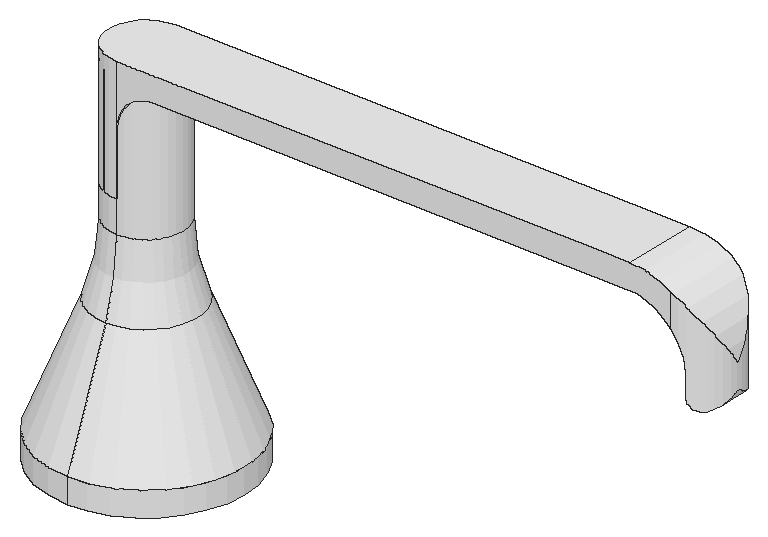
Revit family "Toilet_Paper_Holder-American_Standard-Aspirations-7061230_Series", category Specialty Equipment, host Face, Revit 2019
Family settings
  Host = Face
  Round Connector Dimension = Use Diameter
  Part Type = Normal
  OmniClass Number = 23.40.20.21
  OmniClass Title = Toilet and Bath Specialties
  Cut with Voids When Loaded = No
  Shared = Yes
  Room Calculation Point = No
Parameters (values of type "7061230.002")
  Width = 3 3/4"  # constant formula
  URL = "http://www.americanstandard-us.com"
  Type Comments = ""
  Model = "7061230.002"
  Material = "Metal-American Standard-002-Polished Chrome"
  Manufacturer = "American Standard"
  Length = 7"  # constant formula
  Installation Type = "Wall Mounted"
  Height = 2"  # constant formula
  Finish = Metal-American Standard-002-Polished Chrome
  Description = "Toilet Paper Holder"
  Default Elevation = 24"
  Creation Date = "04/26/2023"  # constant formula
  Assembly Code = "C1030220"
Types (4): name | Model | Material | Finish
  (no name) | "7061230.002" | "Metal-American Standard-002-Polished Chrome" | Metal-American Standard-002-Polished Chrome
  7061230.002 | "7061230.002" | "Metal-American Standard-002-Polished Chrome" | Metal-American Standard-002-Polished Chrome
  7061230.295 | "7061230.295" | "Metal-American Standard-295-Brushed Nickel" | Metal-American Standard-295-Brushed Nickel
  7061230.243 | "7061230.243" | "Metal-American Standard-243-Matte Black" | Metal-American Standard-243-Matte Black
Reference planes (in)
  plane 1 "Center (Front/Back)": y = 0
  plane 2: z = 0
  plane 3 "Center (Left/Right)": x = 0
  plane 4 "Floor Level": y = -24
  plane 5: y = -1
  plane 6: y = 1
  plane 7: z = 3.75
  plane 8: z = 3.625
  plane 9: x = 6
  plane 10: x = -1
Forms (in)
  Extrusion 1, solid, material "Metal-American Standard-002-Polished Chrome" <- "Finish"
    sketch origin (9, 0, 0) x (1, 0, 0) y (0, 1, 0)
      loop
        arc (-9, 0.37715) -> (-9.37715, 0) -> (-9, -0.37715) r 0.37715
        line (-9, -0.37715) -> (-3.37755, -0.37715)
        arc (-3.37755, -0.37715) -> (-3.0004, 0) -> (-3.37755, 0.37715) r 0.37715
        line (-3.37755, 0.37715) -> (-9, 0.37715)
    from 2.50328 to 3.75
  Revolve 2, solid, material "Metal-American Standard-002-Polished Chrome" <- "Finish"
    sketch origin (0, 29.80523, 0) x (0, -1, 0) y (0, 0, -1)
      loop
        line (29.80523, 0) -> (28.80523, 0) -> (28.80523, -0.25) -> (29.28625, -1.44057)
        arc (29.28625, -1.44057) -> (29.39346, -1.80248) -> (29.42964, -2.1782) r 1.9691
        line (29.42964, -2.1782) -> (29.42964, -3.60589)
        arc (29.42964, -3.60589) -> (29.45354, -3.6636) -> (29.51125, -3.6875) r 0.08161
        line (29.51125, -3.6875) -> (29.80523, -3.6875) -> (29.80523, 0)
      axis (29.80523, -3.6875) -> (29.80523, 0)
    angle from 0 to 360
  Extrusion 3, void
    sketch origin (0, 0, 0) x (1, 0, 0) y (0, 0, 1)
      loop
        arc (0.36971, 3.5) -> (0.10829, 3.39171) -> (0, 3.13029) r 0.36971
        line (0, 3.13029) -> (0, 2.5) -> (6.08818, 2.5) -> (6.08818, 3.88883) -> (4.90714, 3.88883) -> (4.90714, 3.75) -> (5.20938, 3.75)
        arc (5.20938, 3.75) -> (5.76843, 3.51843) -> (6, 2.95938) r 0.79062
        line (6, 2.95938) -> (6, 2.71091)
        arc (6, 2.71091) -> (5.875, 2.58591) -> (5.75, 2.71091) r 0.125
        line (5.75, 2.71091) -> (5.75, 2.93543)
        arc (5.75, 2.93543) -> (5.58464, 3.33464) -> (5.18543, 3.5) r 0.56457
        line (5.18543, 3.5) -> (0.36971, 3.5)
    from -1 to 1
Cuts and joins
  Extrusion 3 cuts Extrusion 1
Lines and regions (in)
  Masking region 1
    outline origin (0, 0, 0) x (1, 0, 0) y (0, 0, 1)
      loop
        arc (5.18543, 3.5) -> (5.58464, 3.33464) -> (5.75, 2.93543) r 0.56457
        line (5.75, 2.93543) -> (5.75, 2.71091)
        arc (5.75, 2.71091) -> (5.875, 2.58591) -> (6, 2.71091) r 0.125
        line (6, 2.71091) -> (6, 2.95938)
        arc (6, 2.95938) -> (5.76843, 3.51843) -> (5.20938, 3.75) r 0.79062
        line (5.20938, 3.75) -> (-0.37715, 3.75) -> (-0.37715, 2.14079)
        arc (-0.37715, 2.14079) -> (-0.41016, 1.79801) -> (-0.50797, 1.46783) r 1.79647
        line (-0.50797, 1.46783) -> (-1, 0.25) -> (-1, 0) -> (1, 0) -> (1, 0.25) -> (0.52517, 1.42524)
        arc (0.52517, 1.42524) -> (0.4145, 1.79886) -> (0.37715, 2.18672) r 2.03275
        line (0.37715, 2.18672) -> (0.37715, 3.5) -> (5.18543, 3.5)
  symbolic lines, detail levels medium+fine
    curve 1: arc (0.36971, 0, 3.5) -> (0.10829, 0, 3.39171) -> (0, 0, 3.13029) r 0.36971
    curve 2: line (0, 0, 3.13029) -> (0, 0, 2.50328)
    curve 3: line (0, 0, 2.50328) -> (-0.37715, 0, 2.50328)
  symbolic lines, detail levels fine
    curve 4: line (1, 0, 0.25) -> (-1, 0, 0.25)
Dimensions and locks (in)
  "Default Elevation": plane 4 "Floor Level" to plane 1 "Center (Front/Back)"
  equal spacing: plane 5, plane 1 "Center (Front/Back)", plane 6
  plane 5 to plane 6 = 2"
  plane 7 to host face = 3 3/4"
  Extrusion 1 sketch curve to plane 1 "Center (Front/Back)" to Extrusion 1 sketch curve = 0.37715" locked, 0.37715" locked
  locked: plane 7 to plane 8 at 0.125
  Revolve 2 sketch curve to Revolve 2 sketch curve to Revolve 2 sketch curve to Revolve 2 sketch curve to Revolve 2 sketch curve to Revolve 2 sketch curve = 0.29399" locked, 0.08161" locked, 0" locked, 0.14338" locked, 0.48102" locked
  equal spacing: plane 7, Revolve 2 sketch curve, plane 8
  "Height": plane 6 to plane 5
  plane 3 "Center (Left/Right)" to plane 9 = 6"
  "Length": plane 10 to plane 9
  aligned and locked: plane 2 to host face
  aligned and locked: level to host face
  aligned and locked: plane 7 to Extrusion 1
  aligned and locked: Revolve 2 sketch curve to host face
  aligned and locked: Extrusion 3 to plane 6
  aligned and locked: Extrusion 3 to plane 5
Automatic sketch dimensions
  host sketch curve to host sketch curve = 96"  (x2)
  Revolve 2 sketch curve to plane 6 = 0"
  Revolve 2 sketch curve to plane 1 "Center (Front/Back)" = 0"
  Revolve 2 sketch curve to plane 6 = 1.34469"
  level to Revolve 2 sketch curve = 1/4"
  Revolve 2 sketch curve to Revolve 2 sketch curve = 1.19057"
  plane 7 to Revolve 2 sketch curve = 3 3/4"
  Revolve 2 sketch curve to level = 5 3/4"
  Revolve 2 sketch curve to plane 7 = 1/16"
  plane 3 "Center (Left/Right)" to Extrusion 1 sketch curve = 5.62245"
  Extrusion 1 sketch curve to plane 3 "Center (Left/Right)" = 0"
  Extrusion 3 sketch curve to plane 7 = 0"
  Extrusion 3 sketch curve to plane 9 = 0"
  Extrusion 3 sketch curve to plane 9 = 1/8"
  Extrusion 3 sketch curve to Extrusion 3 sketch curve = 0.54062"
  Extrusion 3 sketch curve to Extrusion 3 sketch curve = 0.02395"  (x2)
  Extrusion 3 sketch curve to Extrusion 3 sketch curve = 0.30224"
  plane 9 to Extrusion 3 sketch curve = 0.08818"
  Extrusion 3 sketch curve to Extrusion 3 sketch curve = 0.22452"
  Extrusion 3 sketch curve to Extrusion 3 sketch curve = 0.21091"
  plane 7 to Extrusion 3 sketch curve = 0.13883"
  plane 3 "Center (Left/Right)" to Extrusion 3 sketch curve = 0"
  Extrusion 3 sketch curve to Extrusion 3 sketch curve = 0.36971"
  plane 10 to Masking region 1 sketch curve = 0"
  Masking region 1 sketch curve to plane 7 = 0"
  Masking region 1 sketch curve to level = 0"
  Masking region 1 sketch curve to plane 9 = 0"
  plane 10 to Masking region 1 sketch curve = 1.17362"
  Masking region 1 sketch curve to plane 10 = 0.49203"
  Masking region 1 sketch curve to plane 3 "Center (Left/Right)" = 0.37715"
  plane 3 "Center (Left/Right)" to Masking region 1 sketch curve = 0.37715"
  plane 3 "Center (Left/Right)" to Masking region 1 sketch curve = 0.52517"
  plane 3 "Center (Left/Right)" to Masking region 1 sketch curve = 1"
  Masking region 1 sketch curve to Masking region 1 sketch curve = 2.03275"
  Masking region 1 sketch curve to plane 8 = 1/8"
  Masking region 1 sketch curve to plane 9 = 0.81457"
  Masking region 1 sketch curve to Masking region 1 sketch curve = 0.02395"  (x2)
  level to Masking region 1 sketch curve = 1/4"  (x2)
  Masking region 1 sketch curve to Masking region 1 sketch curve = 1.17524"
  Masking region 1 sketch curve to Masking region 1 sketch curve = 0.04258"
  Masking region 1 sketch curve to Masking region 1 sketch curve = 0.22452"
  plane 10 to curve 4 = 0"
  curve 1 to plane 3 "Center (Left/Right)" = 0"
  curve 1 to curve 1 = 0.36971"
  curve 3 to plane 8 = 1.12172"
  curve 1 to plane 8 = 0.49471"
  curve 3 to curve 2 = 0.37715"
  level to curve 4 = 1/4"
  plane 3 "Center (Left/Right)" to curve 4 = 1"
